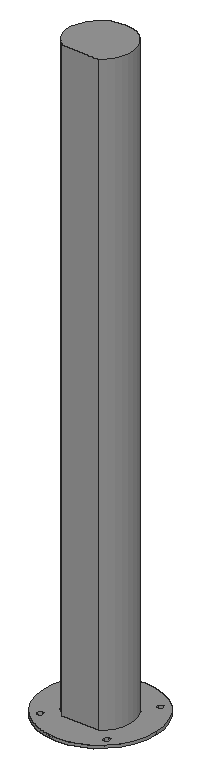
Revit family "ISSRHSM45EL Installationssäule", category Generic Models, Revit 2017
Family settings
  Can host rebar = No
  Round Connector Dimension = Use Diameter
  Part Type = Normal
  Work Plane-Based = No
  Always vertical = Yes
  Cut with Voids When Loaded = No
  Shared = No
  Room Calculation Point = No
Parameters (values of type "ISSRHSM45EL")
  URL = "http://www.obo-bettermann.com"
  Material = Aluminium
  Manufacturer Art.No. = "6290091"
  Manufacturer = "OBO BETTERMANN"
  GTIN = "4012195428145"
  Article Type = "ISSRHSM45EL"
Types (3, lengths in mm): name | Material | Manufacturer Art.No. | GTIN | Article Type
  (no name) | Aluminium | "6290091" | "4012195428145" | "ISSRHSM45EL"
  ISSRHSM45RW | none | "6290090" | "4012195428138" | "ISSRHSM45RW"
  ISSRHSM45EL | Aluminium | "6290091" | "4012195428145" | "ISSRHSM45EL"
Reference planes
  plane 1 "Center (Front/Back)": y = 0
  plane 2: z = 0
  plane 3 "Center (Left/Right)": x = 0
  plane 4: z = 3
  plane 5: y = -20
  plane 6: x = -37.5
  plane 7: x = 37.5
  plane 8: y = 37.5
  plane 9: y = -37.5
  plane 10: x = -37.5
  plane 11: x = 37.5
  plane 12: y = -37.5
  plane 13: y = 37.5
  plane 14: x = -26.5
  plane 15: x = 26.5
  plane 16: y = 17.516
  plane 17: y = -17.516
  plane 18: x = -26.5
  plane 19: x = 26.5
  plane 20: y = -17.516
  plane 21: y = 17.516
  plane 22: x = -26.484
  plane 23: y = 17.516
  plane 24: z = 1.9
  plane 25: x = 26.484
  plane 26: y = 17.516
  plane 27: x = -26.484
  plane 28: y = -17.516
  plane 29: x = 26.484
  plane 30: y = -17.516
  plane 31: z = 676
Forms (mm)
  Extrusion 1, solid, material "Aluminium" <- "Material"
    sketch origin (0, 0, 0) x (1, 0, 0) y (0, 1, 0)
      loop
        circle (0, 0) r 62.5
    from 0 to 3
  Extrusion 2, void
    sketch origin (0, 0, 0) x (1, 0, 0) y (0, 1, 0)
      loop
        line (-18.138, -20) -> (18.138, -20)
        arc (18.138, -20) -> (0, 27) -> (-18.138, -20) r 27
    from 0 to 3
  Extrusion 3, void
    sketch origin (0, 0, 0) x (1, 0, 0) y (0, 1, 0)
      loop
        circle (-37.5, 37.5) r 3.25
      loop
        circle (37.5, 37.5) r 3.25
    from 0 to 3
  Extrusion 4, void
    sketch origin (0, 0, 0) x (1, 0, 0) y (0, 1, 0)
      loop
        circle (-37.5, -37.5) r 3.25
      loop
        circle (37.5, -37.5) r 3.25
    from 0 to 3
  Extrusion 5, void
    sketch origin (0, 0, 0) x (1, 0, 0) y (0, 1, 0)
      loop
        circle (-26.5, 17.516) r 2.384
      loop
        circle (26.5, 17.516) r 2.4
    from 0 to 3
  Extrusion 6, void
    sketch origin (0, 0, 0) x (1, 0, 0) y (0, 1, 0)
      loop
        circle (-26.5, -17.516) r 2.384
      loop
        circle (26.5, -17.516) r 2.4
    from 0 to 3
  Extrusion 7, void
    sketch origin (0, 0, 0) x (1, 0, 0) y (0, 1, 0)
      loop
        circle (-26.484, 17.516) r 3.5
    from 1.9 to 3
  Extrusion 8, void
    sketch origin (0, 0, 0) x (-1, 0, 0) y (0, -1, 0)
      loop
        circle (-26.484, -17.516) r 3.5
    from 1.9 to 3
  Extrusion 9, void
    sketch origin (0, 0, 0) x (1, 0, 0) y (0, 1, 0)
      loop
        circle (-26.484, -17.516) r 3.5
    from 1.9 to 3
  Extrusion 10, void
    sketch origin (0, 0, 0) x (-1, 0, 0) y (0, -1, 0)
      loop
        circle (-26.484, 17.516) r 3.5
    from 1.9 to 3
  Extrusion 11, solid, material "Aluminium" <- "Material"
    sketch origin (0, 0, 0) x (1, 0, 0) y (0, 1, 0)
      loop
        line (-21, -28) -> (21, -28)
        arc (21, -28) -> (0, 35) -> (-21, -28) r 35
    from 3 to 676
Cuts and joins
  Extrusion 2, Extrusion 3, Extrusion 4, Extrusion 5, Extrusion 6, Extrusion 7, Extrusion 8, Extrusion 9, Extrusion 10 cuts Extrusion 1
Dimensions and locks
  locked: plane 3 "Center (Left/Right)" to Extrusion 1 sketch curve
  locked: plane 1 "Center (Front/Back)" to Extrusion 1 sketch curve
  locked: Extrusion 1 sketch curve to plane 1 "Center (Front/Back)" at 62.5
  locked: plane 4 to level at 3
  locked: plane 5 to plane 1 "Center (Front/Back)" at 20
  locked: Extrusion 2 sketch curve to plane 1 "Center (Front/Back)" at 20
  locked: plane 6 to plane 3 "Center (Left/Right)" at 37.5
  locked: plane 3 "Center (Left/Right)" to plane 7 at 37.5
  locked: plane 1 "Center (Front/Back)" to plane 8 at 37.5
  locked: plane 9 to plane 1 "Center (Front/Back)" at 37.5
  locked: plane 6 to Extrusion 3 sketch curve at 0
  locked: Extrusion 3 sketch curve to plane 8 at 3.25
  locked: plane 7 to Extrusion 3 sketch curve at 0
  locked: plane 8 to Extrusion 3 sketch curve at 3.25
  locked: plane 10 to Extrusion 4 sketch curve at 0
  locked: Extrusion 4 sketch curve to plane 12 at 3.25
  locked: plane 11 to Extrusion 4 sketch curve at 0
  locked: plane 12 to Extrusion 4 sketch curve at 3.25
  locked: plane 14 to plane 3 "Center (Left/Right)" at 26.5
  locked: plane 3 "Center (Left/Right)" to plane 15 at 26.5
  locked: plane 1 "Center (Front/Back)" to plane 16 at 17.516
  locked: plane 17 to plane 1 "Center (Front/Back)" at 17.516
  locked: plane 14 to Extrusion 5 sketch curve at 0
  locked: Extrusion 5 sketch curve to plane 16 at 2.384
  locked: plane 15 to Extrusion 5 sketch curve at 0
  locked: Extrusion 5 sketch curve to plane 16 at 2.4
  locked: plane 18 to Extrusion 6 sketch curve at 0
  locked: Extrusion 6 sketch curve to plane 20 at 2.384
  locked: plane 19 to Extrusion 6 sketch curve at 0
  locked: Extrusion 6 sketch curve to plane 20 at 2.4
  locked: cut or joined group 1 (Extrusion 1, Extrusion 2, Extrusion 3, Extrusion 4, Extrusion 5, Extrusion 6, Extrusion 7, Extrusion 8, Extrusion 9, Extrusion 10) to plane 22 at 2.4
  locked: cut or joined group 1 to plane 23 at 2.384
  locked: plane 22 to Extrusion 7 sketch curve at 0
  locked: plane 23 to Extrusion 7 sketch curve at 0
  locked: Extrusion 7 sketch curve to plane 23 at 3.5
  locked: cut or joined group 1 to plane 24 at 1.1
  locked: cut or joined group 1 to cut or joined group 1 at 1.1  (x2)
  locked: plane 25 to Extrusion 8 sketch curve at 0
  locked: plane 26 to Extrusion 8 sketch curve at 0
  locked: Extrusion 8 sketch curve to plane 26 at 3.5
  locked: plane 27 to Extrusion 9 sketch curve at 0
  locked: plane 28 to Extrusion 9 sketch curve at 0
  locked: Extrusion 9 sketch curve to plane 28 at 3.5
  locked: plane 29 to Extrusion 10 sketch curve at 0
  locked: plane 30 to Extrusion 10 sketch curve at 0
  locked: Extrusion 10 sketch curve to plane 30 at 3.5
  locked: Extrusion 11 sketch curve to cut or joined group 1 at 8
  locked: plane 31 to level at 676
  diameter of Extrusion 1 sketch curve = 125 mm
  aligned and locked: level to plane 2
  aligned and locked: plane 4 to Extrusion 1
  aligned and locked: Extrusion 1 to level
  aligned and locked: Extrusion 2 to level
  aligned and locked: Extrusion 2 to plane 2
  aligned and locked: Extrusion 1 to Extrusion 2
  aligned and locked: Extrusion 3 to level
  aligned and locked: Extrusion 1 to Extrusion 3
  aligned and locked: Extrusion 5 to level
  aligned and locked: Extrusion 1 to Extrusion 5
  aligned and locked: Extrusion 7 to plane 24
  aligned and locked: Extrusion 1 to Extrusion 7
  aligned and locked: Extrusion 11 to plane 4
  aligned and locked: plane 31 to Extrusion 11
